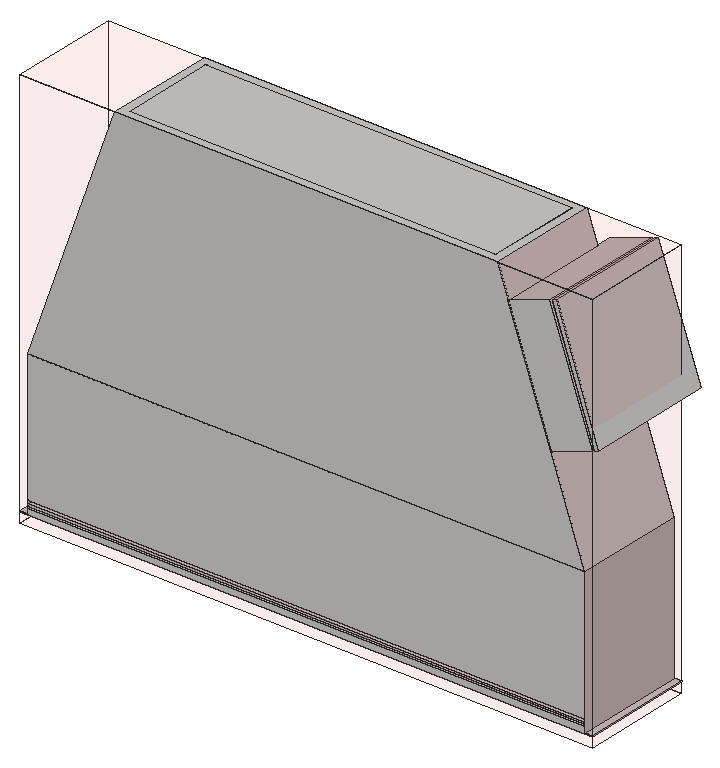
Revit family "Air-Curtain_Industrial_PoweredAire_Gas-Direct", category Mechanical Equipment, host Face, Revit 2016
Family settings
  Host = Face
  Part Type = Normal
  Round Connector Dimension = Use Diameter
  OmniClass Number = 23.75.35.17.21
  OmniClass Title = Air Curtains
  Cut with Voids When Loaded = No
  Shared = No
  Room Calculation Point = No
Parameters
  topbracket [instance] = Unit Height = 1' 4 3/4"  # no
  Warranty Duration (Years) = 0
  Unit Width Notes = "Other Widths available."  # constant formula
  Unit Width = 9' - 0"
  Unit Weight = 0
  Unit Height = 1' - 9"
  Unit Depth = 2' - 3 1/4"
  URL = "http://www.poweredaire.com/"
  Test Data = ""
  Standards Conformance = "as Specified"
  Specification = "http://www.arcat.com/sdspecs/htm04/23_34_33pai.htm"
  SpecWizard = ""
  Sound Pressure = "as Specified"
  Sales Information = "http://www.poweredaire.com/contact_us"
  Revision = "R1_2016-08"
  Projection from Host [instance] = 0' - 2"
  Product Properties = ""
  Product Data = "http://www.arcat.com/arcatcos/cos47/arc47623.html"
  Power Rating = 0 W
  Piping_Operating Pressure [instance] = 0.00 psi
  Pipe OD [instance] = 5/8"
  Overall Depth = 6' - 1 3/4"
  Nozzle Width = if(1 = 1, Unit Width - 0' 3", 0' 0")  # 8' - 9"
  Mounting Width = if(1 = 1, Unit Width - 0' 1 1/2", 0' 0")  # 8' - 10 1/2"
  Mounting Height [instance] = 3' - 6"
  Motor RPM = 0
  Motor HP = 0
  Motor Count = 0
  Model = "As Specified"
  Max Height = 0' - 0"
  Manufacturer Website = "http://www.poweredaire.com/"
  Manufacturer Phone - Toll Free = "888-321-2473"
  Manufacturer Phone = "724-588-3305"
  Manufacturer Fax = "724-588-3371"
  Manufacturer Address = "109 Mortensen Rd.  Greenville, PA 16125"
  Manufacturer = "Powered Aire, Inc"
  Maintenance Schedule (Months) = 0
  Keynote = "23 34 33"
  Intake Width = 6' - 0 1/16"
  Installation-Fabrication = ""
  Installation Phase = ""
  Include Clearance [instance] = yes
  Heating Element Load = 0 W
  Filter Weight = 0
  Front Grating Material [instance] = Metal - Steel - PoweredAire - Stainless 304 Perforated
  HVAC_Temperature Rise = 0 °F
  HVAC_Primary CFM = 0 CFM
  HVAC_Outlet Volume = 0 CFM
  HVAC_Outlet Velocity Uniformity = 0
  HVAC_Outlet Velocity = 0 FPM
  HVAC_Exit Temperature [instance] = 0 °F
  HVAC_BTU Output = 0.0 Btu/h
  HVAC_BTU Input = 0.0 Btu/h
  Green Building-LEED = "http://www.arcat.com/green/clients/leed_data_47623.html"
  Gas Connection Diameter [instance] = 0"
  Frame Finish [instance] = Metal - Steel - PoweredAire - Stainless 304
  Expected Lifespan (Years) = 0
  Exhaust Connection Diameter = 0' - 5"
  Electrical_Wattage [instance] = Power Rating + Heating Element Load  # 0 W
  Electrical_Voltage [instance] = 0 V
  Electrical_Phase [instance] = 1
  Electrical_Frequency [instance] = 0 Hz
  Electrical_Amperage [instance] = 0 A
  Drawn By = "Sumex Design, Inc. / Robert S. Weygant, CSI, CDT, SCIP"
  Description = "Powered Aire Air Curtain as Specified"
  Default Elevation = 0' - 0"  # constant formula
  Copyright = "©Arcat Inc."
  Construction Details = "http://www.arcat.com/details/powair/prod3336.html"
  Clearance_Top [instance] = 0' - 0"
  Clearance_Side B [instance] = 0' - 0"
  Clearance_Side A [instance] = 0' - 0"
  Clearance_Intake [instance] = 0' - 0"
  Clearance_Bottom [instance] = 0' - 0"
  Clearance Material [instance] = ARCAT Clearance
  Building Codes = ""
  Available Options [instance] = "as Specified"
  Assembly Code = "D3090400"
Reference planes
  plane 1 "Center (Elevation)": y = 3.51
  plane 2: z = 0
  plane 3 "Center (Left/Right)": x = 0
  plane 4 "Top": y = 270.21
  plane 5: y = -263.19
  plane 6: x = -1371.6
  plane 7: x = 1371.6
  plane 8 "Front": z = 742.95
  plane 9 "FF": y = -1063.29
  plane 10: z = 50.8
  plane 11: x = 1333.5
  plane 12: x = -1333.5
  plane 13: y = 270.21
  plane 14: y = -263.19
  plane 15: x = -1371.6
  plane 16: x = 1371.6
  plane 17: z = 1924.05
  plane 18: x = 1331.913
  plane 19: x = -1331.912
  plane 20: x = 1333.5
  plane 21: x = 1333.5
  plane 22: y = 206.71
  plane 23: y = -199.69
  plane 24: z = 1924.05
  plane 25: x = -915.194
  plane 26: x = 915.194
Forms (mm)
  Extrusion 1, solid, material "Metal - Steel - PoweredAire - Stainless 304" <- "Frame Finish"
    sketch origin (0, 0, 0) x (0, 1, 0) y (0, 0, 1)
      loop
        line (-263.19, 50.8) -> (270.21, 50.8) -> (270.21, 742.95) -> (-263.19, 742.95) -> (-263.19, 50.8)
    from -1333.5 to 1333.5
  Extrusion 2, solid, material "ARCAT Clearance" <- "Clearance Material", visible <- "Include Clearance"
    sketch origin (0, 0, 0) x (0, 1, 0) y (0, 0, 1)
      loop
        line (-263.19, 1924.05) -> (-263.19, 0) -> (270.21, 0) -> (270.21, 1924.05) -> (-263.19, 1924.05)
    from -1371.6 to 1371.6
  Extrusion 3, solid, material "Metal - Steel - PoweredAire - Stainless 304" <- "Frame Finish"
    sketch origin (-385.496, -4572, 50.8) x (-1, 0, 0) y (0, -1, 0)
      loop
        line (-1718.996, -4842.21) -> (-1718.996, -4308.81) -> (-1757.096, -4308.81) -> (-1757.096, -4842.21) -> (-1718.996, -4842.21)
      loop
        line (948.004, -4842.21) -> (986.104, -4842.21) -> (986.104, -4308.81) -> (948.004, -4308.81) -> (948.004, -4842.21)
    from 0 to 3.175
  Extrusion 4, solid, material "Metal - Steel - PoweredAire - Stainless 304" <- "Frame Finish", visible <- "topbracket"
    sketch origin (-300.688, 270.21, 1219.2) x (-1, 0, 0) y (0, 0, 1)
      loop
        line (-1634.188, -1155.7) -> (-1634.188, -1085.85) -> (-1672.288, -1085.85) -> (-1672.288, -1155.7) -> (-1634.188, -1155.7)
      loop
        line (-1634.188, -546.1) -> (-1634.188, -476.25) -> (-1672.288, -476.25) -> (-1672.288, -546.1) -> (-1634.188, -546.1)
      loop
        line (1032.812, -1155.7) -> (1070.912, -1155.7) -> (1070.912, -1085.85) -> (1032.812, -1085.85) -> (1032.812, -1155.7)
      loop
        line (1032.812, -546.1) -> (1070.912, -546.1) -> (1070.912, -476.25) -> (1032.812, -476.25) -> (1032.812, -546.1)
    from 0 to -3.175
  Extrusion 5, void
    sketch origin (0, 0, 0) x (0, 1, 0) y (0, 0, 1)
      loop
        line (-263.19, 76.2) -> (-237.79, 76.2) -> (-237.79, 114.3) -> (-263.19, 114.3) -> (-263.19, 97.136) -> (-241.519, 97.136) -> (-241.519, 90.786) -> (-263.19, 90.786) -> (-263.19, 76.2)
    from -1331.912 to 1331.913
  Extrusion 6, solid, material "Metal - Steel - PoweredAire - Stainless 304" <- "Frame Finish"
    sketch origin (0, 3.51, 0) x (1, 0, 0) y (0, 0, 1)
      loop
        line (-1333.5, 742.95) -> (1333.5, 742.95) -> (915.194, 1924.05) -> (-915.194, 1924.05) -> (-1333.5, 742.95)
    from -266.7 to 266.7
  Extrusion 7, solid, material "Metal - Steel - PoweredAire - Stainless 304 Perforated" <- "Front Grating Material"
    sketch origin (-915.194, 3.51, 1924.05) x (1, 0, 0) y (0, 1, 0)
      loop
        line (38.1, 228.6) -> (38.1, -228.6) -> (1792.288, -228.6) -> (1792.288, 228.6) -> (38.1, 228.6)
    from 0 to 0.794
  Extrusion 8, solid, material "Metal - Steel - PoweredAire - Stainless 304" <- "Frame Finish"
    sketch origin (915.194, 3.51, 1924.05) x (0.333847, 0, -0.942627) y (0, 1, 0)
      loop
        line (152.4, -266.7) -> (762, -266.7) -> (762, 342.9) -> (152.4, 342.9) -> (152.4, -266.7)
    from 0 to 244.475
  Sweep 9, void
    path in 3D
      loop
        line (1196.521, -263.19, 1862.011) -> (1400.034, -263.19, 1287.385) -> (1400.034, 346.41, 1287.385) -> (1196.521, 346.41, 1862.011) -> (1196.521, -263.19, 1862.011)
    profile origin (1196.521, 41.61, 1862.011) x (0.333847, 0, -0.942627) y (0.942627, 0, 0.333847)
      loop
        line (0, -19.05) -> (0, -31.75) -> (6.35, -31.75) -> (6.35, -19.05) -> (0, -19.05)
Cuts and joins
  Extrusion 5 cuts Extrusion 1
  Sweep 9 cuts Extrusion 8
Lines and regions (mm)
  sketch lines
    curve 1: line (1196.521, 346.41, 1862.011) -> (1196.521, -263.19, 1862.011)
    curve 2: line (1400.034, 346.41, 1287.385) -> (1196.521, 346.41, 1862.011)
    curve 3: line (1196.521, -263.19, 1862.011) -> (1400.034, -263.19, 1287.385)
    curve 4: line (1400.034, -263.19, 1287.385) -> (1400.034, 346.41, 1287.385)
Dimensions and locks
  equal spacing: plane 4 "Top", plane 1 "Center (Elevation)", plane 5
  "Unit Height": plane 4 "Top" to plane 5
  equal spacing: plane 6, plane 3 "Center (Left/Right)", plane 7
  "Unit Width": plane 6 to plane 7
  "Mounting Height": plane 1 "Center (Elevation)" to plane 9 "FF"
  "Projection from Host": plane 10 to level
  "Unit Depth": plane 8 "Front" to plane 10
  locked: plane 6 to plane 12 at 38.1
  locked: plane 11 to plane 7 at 38.1
  "Clearance_Side A": plane 7 to plane 16
  "Clearance_Side B": plane 15 to plane 6
  "Clearance_Top": plane 13 to plane 4 "Top"
  "Clearance_Bottom": plane 5 to plane 14
  "Clearance_Intake": plane 17 to plane 24
  Extrusion 5 sketch curve to Extrusion 5 sketch curve to Extrusion 5 sketch curve to Extrusion 5 sketch curve to plane 10 = 0' - 0.67575" locked, 0' - 0 1/4" locked, 0' - 0.57425" locked, 0' - 1" locked
  plane 5 to Extrusion 5 sketch curve to Extrusion 5 sketch curve = 0' - 0.85319" locked, 0' - 0.14681" locked
  locked: plane 19 to plane 12 at 1.587
  locked: plane 11 to plane 18 at 1.587
  locked: plane 20 to plane 11
  locked: plane 21 to plane 11
  locked: plane 4 "Top" to plane 22 at 63.5
  locked: plane 23 to plane 5 at 63.5
  "Overall Depth": plane 24 to plane 10
  Extrusion 4 sketch curve to Extrusion 4 sketch curve to plane 10 = 0' - 2 3/4" locked, 0' - 0 1/2" locked  (x2)
  plane 8 "Front" to Extrusion 4 sketch curve to Extrusion 4 sketch curve = 0' - 0" locked, 0' - 2 3/4" locked  (x2)
  equal spacing: plane 25, plane 3 "Center (Left/Right)", plane 26
  "Intake Width": plane 25 to plane 26
  locked: plane 4 "Top" to Extrusion 7 sketch curve at 38.1
  locked: Extrusion 7 sketch curve to plane 5 at 38.1
  locked: plane 25 to Extrusion 7 sketch curve at 38.1
  locked: Extrusion 7 sketch curve to plane 26 at 38.1
  aligned and locked: plane 2 to host face
  aligned and locked: level to host face
  aligned and locked: Extrusion 2 sketch curve to plane 17
  aligned and locked: plane 14 to Extrusion 2 sketch curve
  aligned and locked: level to Extrusion 2 sketch curve
  aligned and locked: Extrusion 2 sketch curve to plane 13
  aligned and locked: plane 16 to Extrusion 2
  aligned and locked: Extrusion 2 to plane 15
  aligned and locked: plane 11 to Extrusion 1
  aligned and locked: Extrusion 1 to plane 12
  aligned and locked: Extrusion 1 sketch curve to plane 8 "Front"
  aligned and locked: plane 18 to cut or joined group of Extrusion 1, Extrusion 5
  aligned and locked: cut or joined group of Extrusion 1, Extrusion 5 to plane 19
  aligned and locked: Extrusion 6 sketch curve to plane 8 "Front"
  aligned and locked: plane 21 to Extrusion 6 sketch curve
  aligned and locked: plane 12 to Extrusion 6 sketch curve
  aligned and locked: Extrusion 6 sketch curve to plane 24
  aligned and locked: plane 25 to Extrusion 6 sketch curve
  aligned and locked: plane 26 to Extrusion 6 sketch curve
  aligned and locked: plane 4 "Top" to Extrusion 6
  aligned and locked: Extrusion 6 to plane 5
Automatic sketch dimensions
  host sketch curve to host sketch curve = 8' - 0"  (x2)
  plane 4 "Top" to Extrusion 3 sketch curve = 0' - 0"
  Extrusion 3 sketch curve to plane 7 = 0' - 0"
  plane 5 to Extrusion 3 sketch curve = 0' - 0"
  Extrusion 3 sketch curve to plane 11 = 0' - 0"
  Extrusion 3 sketch curve to plane 4 "Top" = 0' - 0"
  Extrusion 3 sketch curve to plane 12 = 0' - 0"
  Extrusion 3 sketch curve to plane 6 = 0' - 0"
  Extrusion 3 sketch curve to plane 5 = 0' - 0"
  Extrusion 4 sketch curve to plane 7 = 0' - 0"  (x2)
  Extrusion 4 sketch curve to plane 11 = 0' - 0"  (x2)
  Extrusion 4 sketch curve to plane 12 = 0' - 0"  (x2)
  Extrusion 4 sketch curve to plane 6 = 0' - 0"  (x2)
  Extrusion 5 sketch curve to plane 5 = 0' - 0"  (x2)
  Extrusion 1 sketch curve to plane 5 = 0' - 0"
  Extrusion 1 sketch curve to plane 4 "Top" = 0' - 0"
  Extrusion 1 sketch curve to plane 10 = 0' - 0"
  Extrusion 8 sketch curve to Extrusion 6 = 0' - 3"
  Extrusion 6 to Extrusion 8 sketch curve = 1' - 7.33021"
  Extrusion 8 sketch curve to Extrusion 6 = 0' - 0"
  Extrusion 8 sketch curve to Extrusion 6 = 0' - 6"
  profile plane to Sweep 9 sketch curve = 0' - 0"
  Sweep 9 sketch curve to profile plane = 0' - 0 3/4"
  Sweep 9 sketch curve to Sweep 9 sketch curve = 0' - 0 1/2"
  Sweep 9 sketch curve to Sweep 9 sketch curve = 0' - 0 1/4"
Connectors
  electrical at (-1333.5, 3.51, 396.875), driven by "Electrical_Voltage", driven by "Electrical_Phase"
    settings: on cut or joined group of Extrusion 1, Extrusion 5, index 3, voltage 0 V, apparent load 0 VA, apparent load phase1 0 VA, apparent load phase2 0 VA, apparent load phase3 0 VA, power factor 1, load classification "Motor", number of poles 1, system type 31, power factor state 1, is connector primary yes, connector utility no, sub classification motor no, connector description ""
